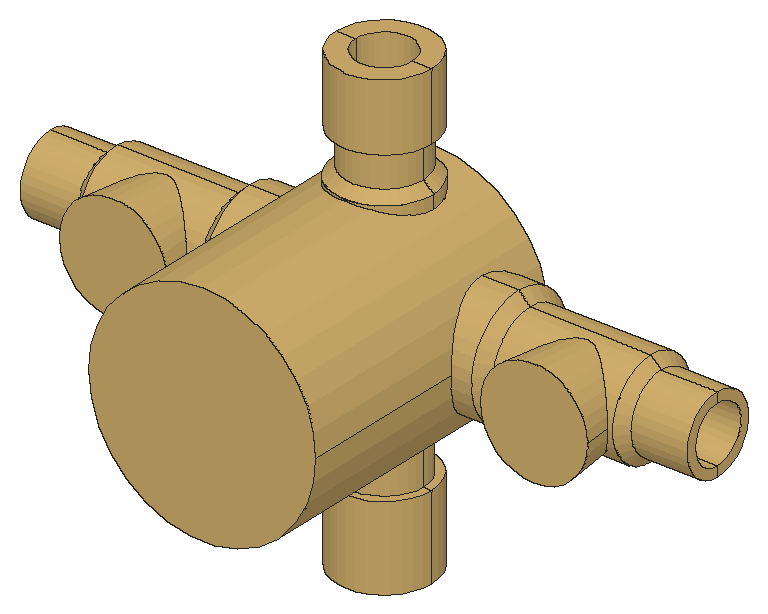
Revit family
Parameters (values of type "R120SS")
  URL = "http://www.americanstandard-us.com"
  Revised Date = "16/07/2013"
  Product URL = "http://www.americanstandard-us.com/bathroom-faucets/pressure-balance-bath-shower-temp-control-valve/"
  Phone # = "416-250-5656"
  Model = "R120SS"
  Material = Cast Iron
  Manufacturer = "American Standard"
  Designed By = "ATS BIM Team"
  Description = "Pressure Balance Rough Valve Body only with Screwdriver stops. Direct sweat inlets/outlets. Screwdriver stops. Less trim."
  Default Elevation = 0' - 0"
  Assembly Code = "D2020300"
Reference planes (in)
  plane 1 "Center (Front/Back)": y = 0
  plane 2: z = 0
  plane 3 "Center (Left/Right)": x = 0
  plane 4: x = -2.9375
  plane 5: x = 2.9375
  plane 6: z = 2
  plane 7: x = 0.25
  plane 8: x = -0.25
  plane 9: z = 0.25
  plane 10: z = -0.25
Forms (in)
  Revolve 1, solid, material "Cast Iron" <- "Material"
    sketch origin (0, 2, -2.0625) x (1, 0, 0) y (0, 0, 1)
      loop
        line (-0.25, 0) -> (-0.25, 4.0625) -> (-0.42158, 4.0625) -> (-0.42158, 3.4679) -> (-0.34513, 3.4679) -> (-0.34513, 3.1609) -> (-0.43269, 3.07334) -> (-0.43269, 2.0625) -> (-0.43269, 1.12979) -> (-0.34513, 1.04222) -> (-0.34513, 0.73523) -> (-0.42158, 0.73523) -> (-0.42158, 0) -> (-0.25, 0)
      axis (0, 4.0625) -> (0, 0)
    angle from 0 to 360
  Revolve 2, solid, material "Cast Iron" <- "Material"
    sketch origin (1.90689, 2, 0) x (0, 0, 1) y (-1, 0, 0)
      loop
        line (-0.25, -1.03061) -> (-0.25, 4.84439) -> (-0.33579, 4.84439) -> (-0.33579, 4.34439) -> (-0.42158, 4.2586) -> (-0.42158, 3.18828) -> (-0.52026, 3.08961) -> (-0.52026, 2.0625) -> (-0.52026, 0.72418) -> (-0.42158, 0.62551) -> (-0.42158, -0.44481) -> (-0.33579, -0.53061) -> (-0.33579, -1.03061) -> (-0.25, -1.03061)
      axis (0, 4.84439) -> (0, -1.03061)
    angle from 0 to 360
  Extrusion 3, solid, material "Cast Iron" <- "Material"
    sketch origin (0, 2, -2.0625) x (1, 0, 0) y (0, 0, 1)
      loop
        circle (0, 2.0625) r 1
    from -0.55343 to 2
  Blend 4, solid, material "Cast Iron" <- "Material"
    base sketch origin (0, 2, -2.0625) x (1, 0, 0) y (0, 0, 1)
      loop
        circle (-1.85312, 2.0625) r 0.40208
    top sketch origin (0, 2, -2.0625) x (1, 0, 0) y (0, 0, 1)
      loop
        circle (-1.85312, 2.0625) r 0.47164
    from 0 to 0.66935
  Blend 5, solid, material "Cast Iron" <- "Material"
    base sketch origin (0, 2, -2.0625) x (-1, 0, 0) y (0, 0, -1)
      loop
        circle (-1.85312, -2.0625) r 0.40208
    top sketch origin (0, 2, -2.0625) x (-1, 0, 0) y (0, 0, -1)
      loop
        circle (-1.85312, -2.0625) r 0.47164
    from 0 to 0.66935
Connectors (in)
  piping at (2.9375, 2, 0)
    settings: on Revolve 2, index 1
  piping at (-2.9375, 2, 0)
    settings: on Revolve 2, index 2
  piping at (-2.9375, 2, 0)
    settings: on Revolve 2, index 3
